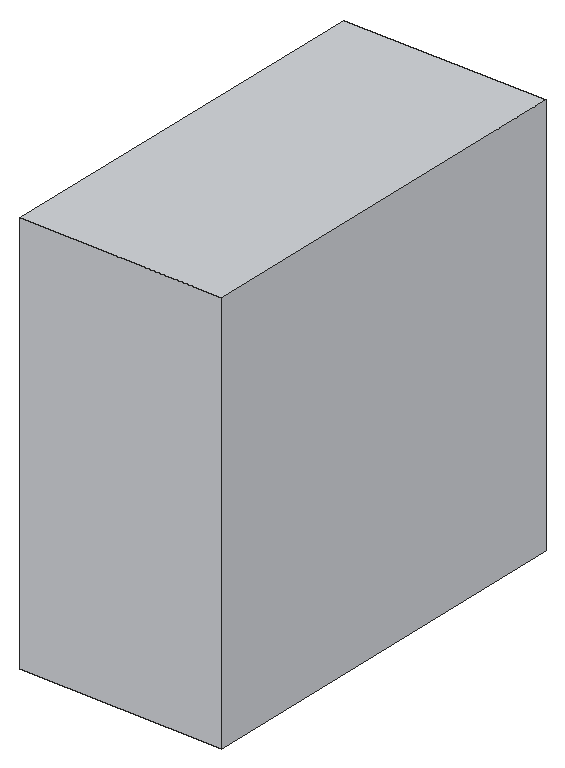
Revit family "M_Abafador de balanceamento - Retangular", category Acessórios de duto, Revit 2019
Family settings
  Cota do conector redondo = Utilizar diâmetro
  Tipo de parte = Regulador de fluxo de ar
  Número OmniClass = 23.75.70.11.14.14
  Título OmniClass = Dampers for Air Ductwork
  ID de item do Seek = Balancing Damper - Rectangular-0000-USA-ENU
  Com base no plano de trabalho = Não
  Sempre na vertical = Sim
  Corte com vazios quando carregada = Não
  Compartilhado = Não
Parameters (values of type "Padrão")
  Largura do símbolo [instance] = Largura do abafador * 1.5  # 450 mm
  Queda de pressão [instance] = 249.0 Pa
  Largura do meio símbolo [instance] = Largura do símbolo / 2  # 225 mm
  Largura de meio abafador [instance] = Largura do abafador / 2  # 150 mm
  Comprimento de meio abafador = Comprimento do abafador / 2  # 75 mm
  Altura de meio abafador [instance] = Altura do abafador / 2  # 150 mm
  Largura do abafador [instance] = 300 mm
  Material do abafador = none
  Comprimento do abafador = 150 mm
  Altura do abafador [instance] = 300 mm
Reference planes
  plane 1 "Centro (Frente/Trás)": y = 0
  plane 2: z = 0
  plane 3 "Centro (Esquerda/Direita)": x = 0
  plane 4: y = 150
  plane 5: y = -150
  plane 6: z = 150
  plane 7: z = -150
  plane 8: x = -75
  plane 9: x = 75
  plane 10: y = 188.1
  plane 11: y = 194.45
  plane 12: y = 225
  plane 13: y = -225
Forms (mm)
  Extrusion 1, solid, material <- "Material do abafador", detail levels fine
    sketch origin (0, 0, 0) x (0, 1, 0) y (0, 0, 1)
      loop
        line (-150, 150) -> (-150, -150) -> (150, -150) -> (150, 150) -> (-150, 150)
    from -75 to 75
  Extrusion 2, solid, material <- "Material do abafador", detail levels fine
    sketch origin (0, 0, 0) x (1, 0, 0) y (0, 0, 1)
      loop
        circle (0, 0) r 6.35
    from -150 to -188.1
  Sweep 3, solid, material <- "Material do abafador", detail levels fine
    path origin (0, 0, 0) x (1, 0, 0) y (0, 1, 0)
      loop
        line (0, 188.1) -> (0, 194.45)
    profile origin (0, 191.275, 0) x (-1, 0, 0) y (0, 0, 1)
      loop
        arc (0, 12.7) -> (-12.7, 0) -> (0, -12.7) r 12.7
        line (0, -12.7) -> (152.4, -12.7)
        arc (152.4, -12.7) -> (165.1, 0) -> (152.4, 12.7) r 12.7
        line (152.4, 12.7) -> (0, 12.7)
  Extrusion 4, solid, material <- "Material do abafador", detail levels coarse+medium
    sketch origin (0, 0, 0) x (0, 1, 0) y (0, 0, 1)
      loop
        line (150, 150) -> (-150, 150) -> (-150, -150) -> (150, -150) -> (150, 150)
    from -75 to 75
Lines and regions (mm)
  symbolic lines, detail levels coarse+medium
    curve 1: line (0, 225, 0) -> (0, -225, 0)
    curve 2: line (0, 225, 0) -> (-75, 225, 0)
    curve 3: line (-75, 150, 0) -> (-75, -150, 0)
    curve 4: line (75, 150, 0) -> (75, -150, 0)
Dimensions and locks
  "Largura de meio abafador": plane 4 to plane 1 "Centro (Frente/Trás)"
  "Largura de meio abafador": plane 1 "Centro (Frente/Trás)" to plane 5
  "Altura de meio abafador": plane 6 to plane 2
  "Altura de meio abafador": plane 2 to plane 7
  "Comprimento de meio abafador": plane 8 to plane 3 "Centro (Esquerda/Direita)"
  "Comprimento de meio abafador": plane 3 "Centro (Esquerda/Direita)" to plane 9
  locked: plane 4 to plane 10 at 38.1
  locked: plane 11 to plane 10 at 6.35
  "Largura do meio símbolo": plane 13 to plane 1 "Centro (Frente/Trás)"
  "Largura do meio símbolo": plane 1 "Centro (Frente/Trás)" to plane 12
  radius of Extrusion 2 sketch curve = 6.35 mm
  radius of Sweep 3 sketch curve = 12.7 mm  (x2)
  aligned and locked: Extrusion 1 to plane 4
  aligned and locked: plane 5 to Extrusion 1
  aligned and locked: plane 6 to Extrusion 1
  aligned and locked: Extrusion 1 to plane 7
  aligned and locked: Extrusion 1 to plane 8
  aligned and locked: plane 9 to Extrusion 1
  aligned and locked: plane 3 "Centro (Esquerda/Direita)" to Extrusion 2 sketch curve
  aligned and locked: plane 2 to Extrusion 2 sketch curve
  aligned and locked: plane 4 to Extrusion 2
  aligned and locked: plane 10 to Extrusion 2
  aligned and locked: plane 11 to Sweep 3 sketch curve
  aligned and locked: plane 10 to Sweep 3 sketch curve
  aligned and locked: plane 3 "Centro (Esquerda/Direita)" to Sweep 3 sketch curve  (x3)
  aligned and locked: plane 2 to Sweep 3 sketch curve  (x2)
  aligned and locked: plane 13 to curve 1
  aligned and locked: curve 1 to plane 3 "Centro (Esquerda/Direita)"
  aligned and locked: plane 8 to curve 2
  aligned and locked: plane 12 to curve 2
  aligned and locked: plane 4 to curve 3
  aligned and locked: plane 5 to curve 3
  aligned and locked: curve 3 to plane 8
  aligned and locked: plane 4 to curve 4
  aligned and locked: plane 5 to curve 4
  aligned and locked: curve 4 to plane 9
  aligned and locked: Extrusion 4 to plane 4
  aligned and locked: plane 5 to Extrusion 4
  aligned and locked: plane 6 to Extrusion 4
  aligned and locked: Extrusion 4 to plane 7
  aligned and locked: Extrusion 4 to plane 8
  aligned and locked: plane 9 to Extrusion 4
Automatic sketch dimensions
  Extrusion 1 sketch curve to plane 5 = 300 mm
  plane 4 to Extrusion 1 sketch curve = 300 mm
  Extrusion 1 sketch curve to level = 150 mm
  level to Extrusion 1 sketch curve = 150 mm
  Sweep 3 sketch curve to plane 3 "Centro (Esquerda/Direita)" = 0 mm
  Sweep 3 sketch curve to profile plane = 152.4 mm
  Extrusion 4 sketch curve to plane 5 = 0 mm
  plane 4 to Extrusion 4 sketch curve = 0 mm
  Extrusion 4 sketch curve to plane 7 = 0 mm
  plane 6 to Extrusion 4 sketch curve = 0 mm
Connectors
  hvac at (-75, 0, 0), driven by "Altura do abafador", driven by "Largura do abafador", driven by "Queda de pressão"
    settings: on Extrusion 1, index 1, duct flow 0.0 L/s, flow factor 0, pres drop 249.0 Pa, loss coef 0, conn angle 0.00°, conn width 300 mm, conn height 300 mm, conn diameter 609.6 mm, duct sys type 29, conn prof type 1, flow config 0, flow direction 0, loss method 4, conn ref index 2, conn util no, is conn primary yes, conn desc ""
  hvac at (75, 0, 0), driven by "Altura do abafador", driven by "Largura do abafador"
    settings: on Extrusion 1, index 2, duct flow 0.0 L/s, flow factor 0, pres drop 0.0 Pa, loss coef 0, conn angle 0.00°, conn width 300 mm, conn height 300 mm, conn diameter 609.6 mm, duct sys type 29, conn prof type 1, flow config 0, flow direction 0, loss method 4, conn ref index 1, conn util no, is conn primary no, conn desc ""
